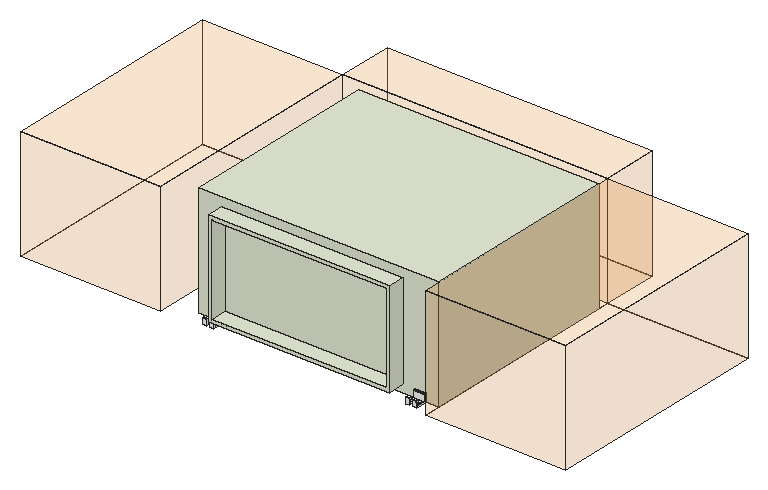
Revit family "MKT3H-800(100,1200,1400)G70A", category Mechanical Equipment, Revit 2013
Parameters (values of type "MKT3H-1400G70A")
  clearance access right = 500.000 mm
  clearance access left = 500.000 mm
  clearance access front = 0.000 mm
  clearance access behind = 200.000 mm
  clearance [instance] = no
  Width = 946.000 mm
  Series = "FCU"
  Rated current = 1.7 A
  Power supply = "220-240V ~50Hz"
  Power Input(H/M/L) = "380/364/347 W"
  Net Weight = 54.00 kg
  Model = "MKT3H-1400G70A"
  Manufacturer = "Midea"
  Liquid pipe = 19.050 mm
  Installation = "Indoor installation"
  Height = 400.000 mm
  Heating Capacity(H/M/L) = "11.15/10.46/9.65 kW"
  Gas = ""
  Drain pipe = 32.000 mm
  Description = "High efficiency water cooled"
  Depth = 816.000 mm
  Cooling Capacity(H/M/L) = "10.41/10.11/9.69 kW"
  Condensation = "water"
  Air Flow(H/M/L) = "1659/1590/1501 m3/h"
Types (5, lengths in mm): name | Rated current | Power Input(H/M/L) | Net Weight | Model | Heating Capacity(H/M/L) | Cooling Capacity(H/M/L) | Air Flow(H/M/L)
  (no name) | 1.7 A | "380/364/347 W" | 54.00 kg | "MKT3H-1400G70A" | "11.15/10.46/9.65 kW" | "10.41/10.11/9.69 kW" | "1659/1590/1501 m3/h"
  MKT3H-800G70A | 1.73 A | "391/375/348 W" | 50.00 kg | "MKT3H-800G70A" | "8.09/7.82/7.42 kW" | "5.4/5.27/5.08 kW" | "1464/1453/1408 m3/h"
  MKT3H-1000G70A | 1.73 A | "382/363/343 W" | 52.00 kg | "MKT3H-1000G70A" | "9.62/9.28/8.85 kW" | "7.75/7.56/6.98 kW" | "1507/1491/1397 m3/h"
  MKT3H-1200G70A | 1.71 A | "386/372/355 W" | 52.00 kg | "MKT3H-1200G70A" | "10.33/10.02/9.17 kW" | "8.03/7.8/7.49 kW" | "1601/1557/1500 m3/h"
  MKT3H-1400G70A | 1.7 A | "380/364/347 W" | 54.00 kg | "MKT3H-1400G70A" | "11.15/10.46/9.65 kW" | "10.41/10.11/9.69 kW" | "1659/1590/1501 m3/h"
Reference planes
  plane 1 "Center (Front/Back)": y = 0
  plane 2: z = 0
  plane 3 "Center (Left/Right)": x = 0
  plane 4: x = 429
  plane 5: y = -419
  plane 6: z = 400
  plane 7: z = 200
  plane 8: z = 309.5
  plane 9: z = 90.5
  plane 10: y = 397
  plane 11: x = -429
Forms (mm)
  Extrusion 1, solid, material "Galvanized Steel"
    sketch origin (0, 0, 0) x (1, 0, 0) y (0, 1, 0)
      loop
        line (-429, 357) -> (-429, -357) -> (429, -357) -> (429, 357) -> (-429, 357)
    from 0 to 400
  Extrusion 2, solid, material "Galvanized Steel", detail levels fine
    sketch origin (0, 0, 0) x (1, 0, 0) y (0, 0, 1)
      loop
        line (-335, 360) -> (-335, 40) -> (290.5, 40) -> (290.5, 360) -> (-335, 360)
      loop
        line (-345, 370) -> (-345, 30) -> (300.5, 30) -> (300.5, 370) -> (-345, 370)
    from 359 to 419
  Extrusion 3, solid, material "Galvanized Steel", detail levels fine
    sketch origin (429, -139.64, -91.526) x (0, -1, 0) y (0, 0, -1)
      loop
        circle (108.682, -363.418) r 9.525
    from -883.009 to -858
  Extrusion 4, solid, material "Galvanized Steel", detail levels fine
    sketch origin (429, -39.79, 21.044) x (0, -1, 0) y (0, 0, -1)
      loop
        circle (108.682, -204.418) r 9.525
    from -883.009 to -858
  Extrusion 5, solid, material "Galvanized Steel", detail levels fine
    sketch origin (0, 0, 0) x (1, 0, 0) y (0, 0, 1)
      loop
        line (153, 309.5) -> (-153, 309.5) -> (-153, 90.5) -> (153, 90.5) -> (153, 309.5)
      loop
        line (143, 299.5) -> (-143, 299.5) -> (-143, 100.5) -> (143, 100.5) -> (143, 299.5)
    from -396 to -359
  Extrusion 6, solid, material "Galvanized Steel"
    sketch origin (429, 408, 0) x (0, -1, 0) y (0, 0, -1)
      loop
        line (164.177, -280.5) -> (418.177, -280.5) -> (418.177, -90.5) -> (164.177, -90.5) -> (164.177, -280.5)
    from -946 to -858
  Extrusion 7, solid, material "Galvanized Steel", detail levels fine
    sketch origin (320.5, -260.427, -168.929) x (0, -1, 0) y (0, 0, -1)
      loop
        circle (10.682, -204.418) r 9.525
    from -774.509 to -749.5
Dimensions and locks
  equal spacing: Extrusion 1 sketch curve, plane 3 "Center (Left/Right)", Extrusion 1 sketch curve
  Extrusion 1 sketch curve to Extrusion 1 sketch curve = 858.000 mm
  equal spacing: Extrusion 1 sketch curve, plane 1 "Center (Front/Back)", Extrusion 1 sketch curve
  Extrusion 1 sketch curve to Extrusion 1 sketch curve = 714.000 mm
  plane 10 to plane 5 = 816.000 mm
  nested 5 to plane 4 = 946.000 mm
  aligned and locked: level to plane 2
Nested families
  nested 1: "Beautiful-Lagou" at (-382, -359, 0), type "Lagou-HXL", detail levels fine
  nested 2: "Beautiful-Lagou" at (382, -359, 0) x (-1, 0, 0) z (0, 0, 1), type "Lagou-HXL", detail levels fine
  nested 3: "Beautiful-Lagou" at (-382, 357, 0), type "Lagou-HXL", detail levels fine
  nested 4: "Beautiful-Lagou" at (382, 357, 0) x (-1, 0, 0) z (0, 0, 1), type "Lagou-HXL", detail levels fine
  nested 5: "Midea service space" at (-1017, -419, 0), type "Midea Service  Space"
    with Width 500.000 mm, Height 400.000 mm, Depth 816.000 mm
  nested 6: "Midea service space" at (429, -419, 0), type "Midea Service  Space"
    with Width 500.000 mm, Height 400.000 mm, Depth 816.000 mm
  nested 7: "Midea service space" at (-517, 397, 0), type "Midea Service  Space"
    with Width 946.000 mm, Height 400.000 mm, Depth 200.000 mm
Connectors
  piping at (-454.009, -248.323, 271.892)
    settings: on Extrusion 3, index 1, connector radius 3/8", flow factor 0, pipe flow 0 GPM, pressure drop 0.00 psi, fitting loss kfactor 0, connector angle 0.00°, fixture units 0, engagement length 0.000 mm, flow configuration 0, flow direction 0, fitting loss method 0, system type 7, joint type 0, gender type 0, connector reference index -1, connector utility 0, adjustable connector no, is connector primary yes, fitting loss table "", connector description "Liquid pipe"
  hvac at (-22.25, -419, 200)
    settings: on Extrusion 2, index 4, duct flow 0.00 m³/h, flow factor 0, pres drop 0.00 in-wg, loss coef 0, conn angle 0.00°, conn width 20.23622", conn height 13.38583", conn radius 12", duct sys type 1, conn prof type 1, flow config 0, flow direction 0, loss method 0, conn ref index -1, conn util no, is conn primary yes, conn desc ""
  electrical at (-429, 0, 200)
    settings: on Extrusion 1, index 5, voltage 220 V, apparent load 0 VA, apparent load phase1 0 VA, apparent load phase2 0 VA, apparent load phase3 0 VA, power factor 1, load classification "HVAC", number of poles 1, system type 30, power factor state 1, is connector primary yes, connector utility no, sub classification motor no, connector description ""
  hvac at (0, 396, 200)
    settings: on Extrusion 5, index 6, duct flow 0.00 m³/h, flow factor 0, pres drop 0.00 in-wg, loss coef 0, conn angle 0.00°, conn width 12", conn height 8.62205", conn radius 12", duct sys type 1, conn prof type 1, flow config 0, flow direction 0, loss method 0, conn ref index -1, conn util no, is conn primary no, conn desc ""
  piping at (-454.009, -271.11, 35.489)
    settings: on Extrusion 7, index 7, connector radius 0.62992", flow factor 0, pipe flow 0 GPM, pressure drop 0.00 psi, fitting loss kfactor 0, connector angle 0.00°, fixture units 0, engagement length 0.000 mm, flow configuration 0, flow direction 0, fitting loss method 0, system type 19, joint type 0, gender type 0, connector reference index -1, connector utility 0, adjustable connector no, is connector primary no, fitting loss table "", connector description "Drain pipe"
Definition of nested family "Beautiful-Lagou"
  Parameters (values of type "Lagou-HXL")
    Manufacturer = "HXL"
    Machine material = Midea White
  Reference planes
    plane 1 "Center (Front/Back)": y = 0
    plane 2: z = 0
    plane 3 "Center (Left/Right)": x = 0
  Forms (mm)
    Extrusion 1, solid, material "Midea White" <- "Machine material"
      sketch origin (0, 0, 0) x (0, 1, 0) y (0, 0, 1)
        loop
          line (0, 0) -> (0, 20) -> (0, 30) -> (-5, 30) -> (-5, 28) -> (-2, 28) -> (-2, 2) -> (-38, 2) -> (-38, 18) -> (-35, 18) -> (-35, 20) -> (-38, 20) -> (-40, 20) -> (-40, 0) -> (0, 0)
      from 0 to 40
    Extrusion 2, void
      sketch origin (0, 0, 0) x (1, 0, 0) y (0, 1, 0)
        loop
          arc (10, -14) -> (4, -20) -> (10, -26) r 6
          line (10, -26) -> (30, -26)
          arc (30, -26) -> (36, -20) -> (30, -14) r 6
          line (30, -14) -> (10, -14)
      from 0 to 2
    Extrusion 3, void
      sketch origin (0, 0, 0) x (1, 0, 0) y (0, 1, 0)
        loop
          line (15, -26) -> (15, -40) -> (25, -40) -> (25, -26) -> (15, -26)
      from 0 to 250
  Cuts and joins
    Extrusion 2, Extrusion 3 cuts Extrusion 1
  Dimensions and locks
    aligned and locked: level to plane 2
Definition of nested family "Midea service space"
  Parameters (values of type "Midea Service  Space")
    Width [instance] = 500.000 mm
    Height [instance] = 500.000 mm
    Depth [instance] = 500.000 mm
  Reference planes
    plane 1 "Center (Front/Back)": y = 0
    plane 2: z = 0
    plane 3 "Center (Left/Right)": x = 0
    plane 4: z = 500
    plane 5: y = 500
    plane 6: x = 500
  Forms (mm)
    Extrusion 1, solid, material "Midea Service Space-HDY"
      sketch origin (0, 0, 0) x (1, 0, 0) y (0, 1, 0)
        loop
          line (0, 500) -> (0, 0) -> (500, 0) -> (500, 500) -> (0, 500)
      from 0 to 500
  Dimensions and locks
    "Width": plane 3 "Center (Left/Right)" to plane 6
    "Depth": plane 5 to plane 1 "Center (Front/Back)"
    "Height": level to plane 4
    aligned and locked: level to plane 2
    aligned and locked: plane 5 to Extrusion 1
    aligned and locked: Extrusion 1 to plane 6
    aligned and locked: Extrusion 1 to plane 3 "Center (Left/Right)"
    aligned and locked: plane 1 "Center (Front/Back)" to Extrusion 1
    aligned and locked: Extrusion 1 to plane 4
  Automatic sketch dimensions
    Extrusion 1 sketch curve to plane 3 "Center (Left/Right)" = 0.000 mm
    plane 1 "Center (Front/Back)" to Extrusion 1 sketch curve = 0.000 mm
    Extrusion 1 sketch curve to plane 6 = 0.000 mm
    Extrusion 1 sketch curve to plane 5 = 0.000 mm
